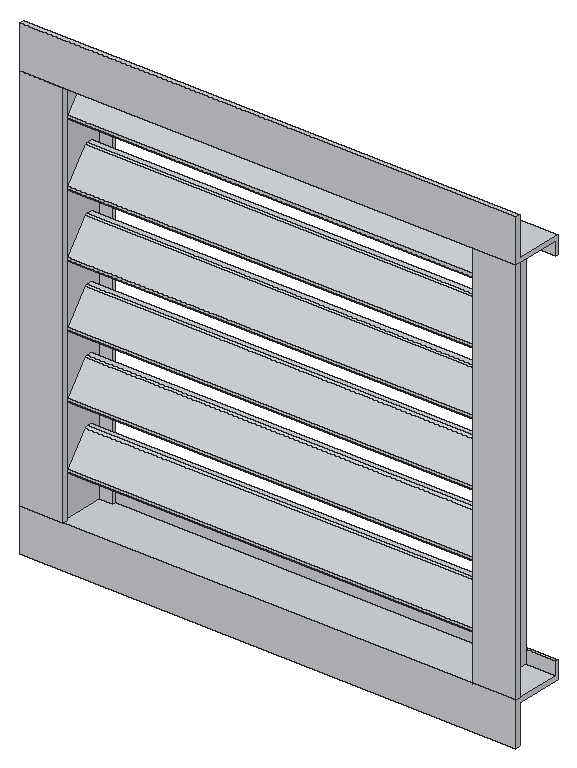
Revit family "FVF", category Mechanical Equipment, Revit 2015
Parameters
  URL = "https://unitedenertech.com/catalog/pdf/A_41%20FVE,%20FVF.pdf"
  Type Comments = "Max. Single Section Size is (48\"w x 15-3/4\"h)"
  Model = "FVF"
  Manufacturer = "United Enertech Corporation"
  Exact Width = 1' - 0"
  Exact Height = 0' - 11"
  Description = "Extruded Aluminum Flanged Flood Vent"
  Depth = 0' - 1.435"
  Blade Spacing = 0' - 1 3/4"
  Blade Number [instance] = rounddown((Exact Height - 0' 0 1/4") / Blade Spacing)  # 6
  BW [instance] = Exact Width - 0' 0 9/16"  # 0' - 11 7/16"
Reference planes (in)
  plane 1 "Center (Front/Back)": y = 0
  plane 2: z = 0
  plane 3 "Center (Left/Right)": x = 0
  plane 4: x = -6
  plane 5: x = 6
  plane 6: z = 11
  plane 7: x = -5.70647
  plane 8: x = 5.70647
  plane 9: z = 0.125
  plane 10: x = -6.83347
  plane 11: x = 6.83347
  plane 12: z = 10.875
  plane 13: y = 1.435
Forms (in)
  Extrusion 1, solid
    sketch origin (-58.63287, 10.46939, 0) x (-1, 0, 0) y (0, -1, 0)
      loop
        line (-53.3024, 9.15439) -> (-53.3024, 9.09439) -> (-52.63287, 9.09439) -> (-52.63287, 9.36439) -> (-52.8014, 9.36439) -> (-52.8014, 10.34439) -> (-51.7994, 10.34439) -> (-51.7994, 10.46939) -> (-52.9864, 10.46939) -> (-52.9864, 10.34439) -> (-52.9264, 10.34439) -> (-52.9264, 9.15439) -> (-53.3024, 9.15439)
    from 0.125 to 10.875
  Extrusion 2, solid
    sketch origin (58.63287, 10.46939, 0) x (1, 0, 0) y (0, 1, 0)
      loop
        line (-53.3024, -9.15439) -> (-52.9264, -9.15439) -> (-52.9264, -10.34439) -> (-52.9864, -10.34439) -> (-52.9864, -10.46939) -> (-51.7994, -10.46939) -> (-51.7994, -10.34439) -> (-52.8014, -10.34439) -> (-52.8014, -9.36439) -> (-52.63287, -9.36439) -> (-52.63287, -9.09439) -> (-53.3024, -9.09439) -> (-53.3024, -9.15439)
    from 0.125 to 10.875
  Extrusion 3, solid
    sketch origin (-28.83392, 8.75977, 78.4806) x (0, 0, 1) y (0, -1, 0)
      loop
        line (-67.9806, 7.37477) -> (-67.9806, 7.32477) -> (-67.4806, 7.32477) -> (-67.4806, 8.63477) -> (-66.4176, 8.63477) -> (-66.4176, 8.75977) -> (-67.6056, 8.75977) -> (-67.6056, 7.37477) -> (-67.9806, 7.37477)
    from 22.00045 to 35.6674
  Extrusion 4, solid
    sketch origin (-28.83392, 8.75977, -30.4806) x (0, 0, -1) y (0, 1, 0)
      loop
        line (-30.9806, -7.37477) -> (-30.6056, -7.37477) -> (-30.6056, -8.75977) -> (-29.4176, -8.75977) -> (-29.4176, -8.63477) -> (-30.4806, -8.63477) -> (-30.4806, -7.32477) -> (-30.9806, -7.32477) -> (-30.9806, -7.37477)
    from 22.00045 to 35.6674
Dimensions and locks (in)
  equal spacing: plane 4, plane 3 "Center (Left/Right)", plane 5
  "Exact Width": plane 4 to plane 5
  "Exact Height": plane 6 to level
  locked: plane 4 to plane 7 at 0.29353
  locked: plane 8 to plane 5 at 0.29353
  locked: plane 9 to level at 0.125
  locked: plane 10 to plane 4 at 0.83347
  locked: plane 5 to plane 11 at 0.83347
  locked: plane 6 to plane 12 at 0.125
  "Depth": plane 1 "Center (Front/Back)" to plane 13
  equal spacing: group 1, group 2, group 3, group 4, group 5, group 6  (x2)
  equal spacing: group 6, group 5, group 4, group 3, group 2, group 1
  "Blade Spacing": nested 2 to nested 1
  aligned and locked: level to plane 2
  aligned and locked: Extrusion 1 to plane 9
  aligned and locked: Extrusion 2 to plane 9
  aligned and locked: plane 6 to Extrusion 3
  aligned and locked: Extrusion 4 to level
  aligned and locked: plane 11 to Extrusion 3
  aligned and locked: plane 11 to Extrusion 4
  aligned and locked: Extrusion 3 to plane 10
  aligned and locked: Extrusion 4 to plane 10
  aligned and locked: plane 12 to Extrusion 1
  aligned and locked: plane 12 to Extrusion 2
  aligned and locked: plane 3 "Center (Left/Right)" to nested 1
  aligned and locked: plane 12 to nested 1
  aligned and locked: nested 2 to nested 1
Automatic sketch dimensions
  plane 1 "Center (Front/Back)" to Extrusion 1 sketch curve = 0' - 0"
  Extrusion 1 sketch curve to plane 7 = 0' - 0"
  Extrusion 1 sketch curve to plane 4 = 0' - 0"
  plane 7 to Extrusion 1 sketch curve = 0' - 0.06"
  plane 7 to Extrusion 1 sketch curve = 0' - 0.376"
  Extrusion 1 sketch curve to plane 7 = 0' - 0 1/8"
  plane 4 to Extrusion 1 sketch curve = 0' - 0.83347"
  Extrusion 1 sketch curve to plane 1 "Center (Front/Back)" = 0' - 0 1/8"  (x2)
  Extrusion 1 sketch curve to Extrusion 1 sketch curve = 0' - 0.98"
  Extrusion 1 sketch curve to Extrusion 1 sketch curve = 0' - 0.21"
  Extrusion 1 sketch curve to Extrusion 1 sketch curve = 0' - 0.27"
  plane 1 "Center (Front/Back)" to Extrusion 2 sketch curve = 0' - 0"
  Extrusion 2 sketch curve to plane 8 = 0' - 0"
  Extrusion 2 sketch curve to plane 5 = 0' - 0"
  plane 8 to Extrusion 2 sketch curve = 0' - 0.06"
  Extrusion 2 sketch curve to Extrusion 2 sketch curve = 0' - 0.376"
  Extrusion 2 sketch curve to plane 8 = 0' - 0 1/8"
  Extrusion 2 sketch curve to plane 5 = 0' - 0.83347"
  plane 1 "Center (Front/Back)" to Extrusion 2 sketch curve = 0' - 0 1/8"  (x2)
  Extrusion 2 sketch curve to Extrusion 2 sketch curve = 0' - 0.98"
  Extrusion 2 sketch curve to Extrusion 2 sketch curve = 0' - 0.21"
  Extrusion 2 sketch curve to Extrusion 2 sketch curve = 0' - 0.27"
  Extrusion 3 sketch curve to plane 1 "Center (Front/Back)" = 0' - 0"
  Extrusion 3 sketch curve to plane 6 = 0' - 0"
  Extrusion 3 sketch curve to plane 6 = 0' - 0 1/8"
  Extrusion 3 sketch curve to Extrusion 3 sketch curve = 0' - 0 3/8"
  Extrusion 3 sketch curve to plane 1 "Center (Front/Back)" = 0' - 0 1/8"
  plane 6 to Extrusion 3 sketch curve = 0' - 1.063"
  Extrusion 3 sketch curve to Extrusion 3 sketch curve = 0' - 1.26"
  Extrusion 3 sketch curve to Extrusion 3 sketch curve = 0' - 0.05"
  Extrusion 4 sketch curve to plane 1 "Center (Front/Back)" = 0' - 0"
  Extrusion 4 sketch curve to plane 1 "Center (Front/Back)" = 0' - 1.435"
  Extrusion 4 sketch curve to plane 6 = 0' - 10 1/2"
  Extrusion 4 sketch curve to Extrusion 4 sketch curve = 0' - 0 3/8"
  Extrusion 4 sketch curve to Extrusion 4 sketch curve = 0' - 0 1/8"
  Extrusion 4 sketch curve to plane 1 "Center (Front/Back)" = 0' - 0 1/8"
  Extrusion 4 sketch curve to Extrusion 4 sketch curve = 0' - 1.063"
  Extrusion 4 sketch curve to Extrusion 4 sketch curve = 0' - 0.05"
Nested families (in)
  nested 1: "BVBLADE" at (0, -2.13333, 4.41515), type "BVBLADE"
    with Blade Width 0' - 11 7/16"
  nested 2: "BVBLADE" at (0, -2.13333, 2.66515), type "BVBLADE"
    with Blade Width 0' - 11 7/16"
  nested 3: "BVBLADE" at (0, -2.13333, 0.91515), type "BVBLADE"
    with Blade Width 0' - 11 7/16"
  nested 4: "BVBLADE" at (0, -2.13333, -0.83485), type "BVBLADE"
    with Blade Width 0' - 11 7/16"
  nested 5: "BVBLADE" at (0, -2.13333, -2.58485), type "BVBLADE"
    with Blade Width 0' - 11 7/16"
  nested 6: "BVBLADE" at (0, -2.13333, -4.33485), type "BVBLADE"
    with Blade Width 0' - 11 7/16"
Definition of nested family "BVBLADE"
  Parameters (values of type "BVBLADE")
    Blade Width = 2' - 0"
  Reference planes (in)
    plane 1 "Center (Front/Back)": y = 0
    plane 2: z = 0
    plane 3 "Center (Left/Right)": x = 0
    plane 4: x = -12
    plane 5: x = 12
  Forms (in)
    Extrusion 1, solid
      sketch origin (-0.28573, -2.93198, 3.21771) x (0, 1, 0) y (0, 0, 1)
        loop
          line (5.56435, 2.32244) -> (5.66276, 2.37926) -> (5.66276, 2.54804) -> (5.55568, 2.5915) -> (5.88969, 3.01722) -> (5.94044, 2.92931) -> (6.12062, 2.97759) -> (6.14775, 3.0637) -> (6.14775, 3.18015) -> (6.08576, 3.24214) -> (5.93384, 3.24214) -> (5.87621, 3.21066) -> (5.2808, 2.45175) -> (5.2808, 2.37541) -> (5.31244, 2.33663) -> (5.35897, 2.32244) -> (5.56435, 2.32244)
      from -11.71427 to 12.28573
  Dimensions and locks (in)
    equal spacing: plane 4, plane 3 "Center (Left/Right)", plane 5
    "Blade Width": plane 4 to plane 5
    aligned and locked: level to plane 2
    aligned and locked: plane 5 to Extrusion 1
    aligned and locked: plane 4 to Extrusion 1
  Automatic sketch dimensions
    Extrusion 1 sketch curve to plane 1 "Center (Front/Back)" = 0' - 2.34882"
    Extrusion 1 sketch curve to Extrusion 1 sketch curve = 0' - 0.03164"
    Extrusion 1 sketch curve to Extrusion 1 sketch curve = 0' - 0.04653"
    Extrusion 1 sketch curve to Extrusion 1 sketch curve = 0' - 0.27488"
    Extrusion 1 sketch curve to Extrusion 1 sketch curve = 0' - 0.20538"
    Extrusion 1 sketch curve to Extrusion 1 sketch curve = 0' - 0.09841"
    Extrusion 1 sketch curve to Extrusion 1 sketch curve = 0' - 0.21345"
    Extrusion 1 sketch curve to Extrusion 1 sketch curve = 0' - 0.01347"
    Extrusion 1 sketch curve to Extrusion 1 sketch curve = 0' - 0.05762"
    Extrusion 1 sketch curve to Extrusion 1 sketch curve = 0' - 0.05076"
    Extrusion 1 sketch curve to Extrusion 1 sketch curve = 0' - 0.15192"
    Extrusion 1 sketch curve to Extrusion 1 sketch curve = 0' - 0.18018"
    Extrusion 1 sketch curve to Extrusion 1 sketch curve = 0' - 0.02712"
    level to Extrusion 1 sketch curve = 0' - 5.54015"
    Extrusion 1 sketch curve to Extrusion 1 sketch curve = 0' - 0.01419"
    Extrusion 1 sketch curve to Extrusion 1 sketch curve = 0' - 0.03878"
    Extrusion 1 sketch curve to Extrusion 1 sketch curve = 0' - 0.05682"
    Extrusion 1 sketch curve to Extrusion 1 sketch curve = 0' - 0.07634"
    Extrusion 1 sketch curve to Extrusion 1 sketch curve = 0' - 0.16878"
    Extrusion 1 sketch curve to Extrusion 1 sketch curve = 0' - 0.04346"
    Extrusion 1 sketch curve to Extrusion 1 sketch curve = 0' - 0.38127"
    Extrusion 1 sketch curve to Extrusion 1 sketch curve = 0' - 0.04828"
    Extrusion 1 sketch curve to Extrusion 1 sketch curve = 0' - 0.08791"
    Extrusion 1 sketch curve to Extrusion 1 sketch curve = 0' - 0.08611"
    Extrusion 1 sketch curve to Extrusion 1 sketch curve = 0' - 0.11645"
    Extrusion 1 sketch curve to Extrusion 1 sketch curve = 0' - 0.19344"
    Extrusion 1 sketch curve to Extrusion 1 sketch curve = 0' - 0.06199"
